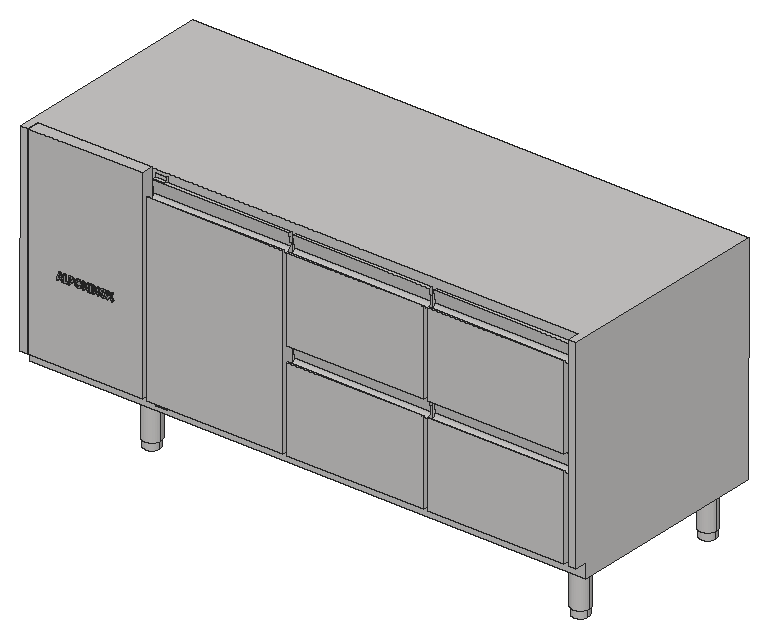
Revit family "QF_ALPENINOX_712043_AH3H7ABB", category Specialty Equipment, Revit 2018
Family settings
  Round Connector Dimension = Use Diameter
  Part Type = Normal
  Work Plane-Based = No
  Always vertical = Yes
  Cut with Voids When Loaded = No
  Shared = No
  Room Calculation Point = No
Parameters
  Weight = 0.00 kg
  Watts = 0.0232258 W
  Volts = 220 V
  URL Manufacturer = "http://www.alpeninox.com/"
  URL = "http://www.alpeninox.com/"
  Steam Supply Size = 0 mm
  Steam Supply Minimum Pressure = 0.0 Pa
  Steam Supply Maximum Pressure = 0.0 Pa
  Steam Pounds per Hour = 0
  Show Logo [instance] = yes
  Show Clearance [instance] = yes
  Refrigeration Suction Line Size = 0 mm
  Refrigeration Liquid Line Size = 0 mm
  Refrigerant Compressor Remote = yes
  Manufacturer = "Alpeninox"
  Phase = 1
  Model = "AH3H7ABB"
  Length Actual = 1795 mm  # constant formula
  Item Number = "712043"
  Hot Water Size = 0 mm
  Height Actual = 850 mm  # constant formula
  HP = "0.3 HP"
  Gas Size = 0 mm
  Gas KW = 0
  Gas Input Pressure = 0 W
  Description = "1DOOR-4 DRAWERS REF.TABLE 440L-NO TOP"
  Depth Actual = 700 mm  # constant formula
  Cycle = 50 Hz
  Condensate Return Size = 0 mm
  Compressed Air Volume = 0.0 L/s
  Compressed Air Size = 0 mm
  Compressed Air Pressure = 0.0 Pa
  Cold Water Size = 0 mm
  Accessory = yes
Reference planes
  plane 1 "Center X": y = 182.5
  plane 2: z = 0
  plane 3 "Center Y": x = -353.5
  plane 4: y = -62.5
  plane 5: y = 451.5
  plane 6 "BACK": y = 532.5
  plane 7 "FRONT": y = -167.5
  plane 8: x = -906
  plane 9: x = 478
  plane 10: z = 150
  plane 11 "TOP": z = 900
  plane 12: z = 850
  plane 13 "LEFT": x = -1251
  plane 14 "RIGHT": x = 544
Forms (mm)
  Extrusion 1, solid, material "QF_Finishes_Stainless Steel"
    sketch origin (-353.5, 2, 0) x (0, 1, 0) y (0, 0, 1)
      loop
        line (530.5, 150) -> (530.5, 850) -> (-124.5, 850) -> (-124.5, 150) -> (530.5, 150)
    from -897.5 to 897.5
  Extrusion 2, solid, material "QF_Finishes_Stainless Steel"
    sketch origin (-1022.223, -1524, 150) x (-1, 0, 0) y (0, -1, 0)
      loop
        line (228.777, -1361.5) -> (203.777, -1361.5) -> (203.777, -1401.5) -> (228.777, -1401.5) -> (228.777, -1361.5)
      loop
        line (-1566.223, -1401.5) -> (-1541.223, -1401.5) -> (-1541.223, -1361.5) -> (-1566.223, -1361.5) -> (-1566.223, -1401.5)
    from 47 to 700
  Extrusion 3, solid, material "QF_Finishes_Stainless Steel"
    sketch origin (0, 0, 900) x (-1, 0, 0) y (0, -1, 0)
      loop
        circle (170, -94.5) r 8.45
    from -790.577 to -750
  Extrusion 4, solid, material "QF_Finishes_Stainless Steel"
    sketch origin (0, 0, 0) x (1, 0, 0) y (0, 1, 0)
      loop
        circle (-1167, 451.5) r 4
    from 109.423 to 150
Cuts and joins
  joined: Extrusion 1, Extrusion 2
Lines and regions (mm)
  symbolic lines, style "SpecialityEquipmentHiddenLines"
    curve 1: line (-1251, -122.5, 900) -> (544, -122.5, 900)
    curve 2: line (-850, -162.5, 900) -> (-850, -122.5, 900)
    curve 3: line (-1251, 532.5, 900) -> (544, 532.5, 900)
    curve 4: line (-1251, 532.5, 900) -> (-1251, -162.5, 900)
    curve 5: line (-1251, -162.5, 900) -> (544, -162.5, 900)
    curve 6: line (544, -162.5, 900) -> (544, 532.5, 900)
Dimensions and locks
  locked: plane 6 "BACK" to plane 7 "FRONT" at 700
  equal spacing: plane 6 "BACK", plane 1 "Center X", plane 7 "FRONT"
  locked: plane 6 "BACK" to plane 5 at 81
  plane 10 to level = 150 mm
  plane 11 "TOP" to plane 12 to plane 10 = 50 mm locked, 700 mm locked
  locked: Extrusion 2 sketch curve to Extrusion 2 sketch curve at 25  (x2)
  locked: plane 4 to plane 7 "FRONT" at 105
  locked: plane 6 "BACK" to Extrusion 3 sketch curve at 438
  equal spacing: plane 13 "LEFT", plane 3 "Center Y", plane 14 "RIGHT"
  plane 13 "LEFT" to plane 14 "RIGHT" = 1795 mm
  locked: plane 13 "LEFT" to plane 8 at 345
  locked: plane 9 to plane 14 "RIGHT" at 66
  Extrusion 3 sketch curve to plane 14 "RIGHT" = 714 mm
  plane 13 "LEFT" to Extrusion 4 sketch curve = 84 mm
  locked: plane 6 "BACK" to Extrusion 4 sketch curve at 81
  locked: plane 10 to Extrusion 4 at 40.577
  aligned and locked: level to plane 2
  aligned and locked: plane 10 to Extrusion 3
  aligned and locked: nested 4 to plane 4
  aligned and locked: nested 1 to plane 4
  aligned and locked: nested 3 to plane 5
  aligned and locked: nested 2 to plane 5
  aligned and locked: plane 8 to nested 1
  aligned and locked: plane 8 to nested 2
  aligned and locked: plane 9 to nested 4
  aligned and locked: plane 9 to nested 3
  aligned and locked: Extrusion 1 to Extrusion 2
  aligned and locked: Extrusion 2 to Extrusion 1
  aligned and locked: Extrusion 2 sketch curve to plane 14 "RIGHT"
  aligned and locked: plane 13 "LEFT" to Extrusion 2 sketch curve
  aligned and locked: cut or joined group of Extrusion 1, Extrusion 2 to plane 10
  aligned and locked: plane 12 to cut or joined group of Extrusion 1, Extrusion 2
  aligned and locked: plane 10 to Extrusion 4
Automatic sketch dimensions
  Extrusion 1 sketch curve to plane 10 = 0 mm
  Extrusion 1 sketch curve to plane 12 = 0 mm
  Extrusion 1 sketch curve to plane 6 "BACK" = 0 mm
  plane 7 "FRONT" to Extrusion 1 sketch curve = 45 mm
  plane 7 "FRONT" to Extrusion 2 sketch curve = 45 mm  (x2)
  plane 7 "FRONT" to Extrusion 2 sketch curve = 5 mm  (x2)
  curve 6 to plane 6 "BACK" = 0 mm
  curve 6 to plane 14 "RIGHT" = 0 mm
  curve 5 to plane 13 "LEFT" = 0 mm
  plane 7 "FRONT" to curve 5 = 5 mm
  plane 8 to curve 2 = 56 mm
  curve 1 to curve 4 = 40 mm
  radius of Extrusion 3 sketch curve = 8.45 mm
  radius of Extrusion 4 sketch curve = 4 mm
Nested families
  nested 1: "Foot_Ø50_H150" at (-906, -62.5, 0), type "Foot_Ø50_H150"
  nested 2: "Foot_Ø50_H150" at (-906, 451.5, 0), type "Foot_Ø50_H150"
  nested 3: "Foot_Ø50_H150" at (478, 451.5, 0), type "Foot_Ø50_H150"
  nested 4: "Foot_Ø50_H150" at (478, -62.5, 0), type "Foot_Ø50_H150"
  nested 5: "2 Drawers" at (285, -164.5, 0), Show Clearance <- "Show Clearance", type "2 Drawers"
  nested 6: "2 Drawers" at (-169, -164.5, 0), Show Clearance <- "Show Clearance", type "2 Drawers"
  nested 7: "Refrigerator" at (544, -167.5, 900), type "Refrigerator"
  nested 8: "ALP_Cooling Unit" at (-1041.5, -164.5, 0), Show Logo <- "Show Logo", type "ALP_Cooling Unit"
  nested 9: "Door" at (-623, -164.5, 0) x (-1, 0, 0) z (0, 0, 1), Show Clearance <- "Show Clearance", type "Door"
Connectors
  electrical at (-1167, 451.5, 109.423), driven by "Volts"
    settings: on Extrusion 4, index 4, voltage 220 V, apparent load 0 VA, apparent load phase1 0 VA, apparent load phase2 0 VA, apparent load phase3 0 VA, power factor 1, load classification "Altro", number of poles 1, system type 30, power factor state 1, is connector primary yes, connector utility no, sub classification motor no, connector description "Electrical Connection"
  piping at (-170, 94.5, 109.423), diameter 17
    settings: on Extrusion 3, index 5, connector inside diameter 609.6 mm, connector length 0 mm, flow factor 0, pipe flow 0.0 L/s, pressure drop 0.0 Pa, fitting loss kfactor 0, connector angle 0.00°, fixture units 0, engagement length 0 mm, angle of deflection 0.00°, flow configuration 1, flow direction 2, fitting loss method 0, system type 16, joint type 0, gender type 0, connector reference index -1, connector utility 0, adjustable connector no, is connector primary yes, connector description "Drain"
Definition of nested family "Foot_Ø50_H150"
  Reference planes
    plane 1 "Centro (Fronte/Retro)": y = 0
    plane 2: z = 0
    plane 3 "Centro (Sinistra/Destra)": x = 0
    plane 4: z = 150
  Forms (mm)
    Revolve 1, solid
      sketch origin (255.05, 0, 608.09) x (0, 0, 1) y (-1, 0, 0)
        loop
          line (-608.09, 255.05) -> (-608.09, 230.05) -> (-583.09, 230.05) -> (-583.09, 226.05) -> (-458.09, 226.05) -> (-458.09, 255.05) -> (-608.09, 255.05)
        axis (-608.09, 255.05) -> (-458.09, 255.05)
      angle from 0 to 360
  Dimensions and locks
    locked: Revolve 1 sketch curve to Revolve 1 sketch curve at 125
    aligned and locked: level to plane 2
    aligned and locked: plane 4 to Revolve 1 sketch curve
    aligned and locked: Revolve 1 sketch curve to level
    aligned and locked: plane 3 "Centro (Sinistra/Destra)" to Revolve 1 sketch curve
Definition of nested family "2 Drawers"
  Parameters
    Show Clearance [instance] = yes
  Reference planes
    plane 1 "FRONT": y = -3
    plane 2: z = 0
    plane 3 "Centro (Sinistra/Destra)": x = 0
    plane 4: z = 150
    plane 5: z = 850
    plane 6: x = -234
    plane 7: x = 234
    plane 8: x = -220
    plane 9: x = 220
  Forms (mm)
    Extrusion 1, solid
      sketch origin (0, 55, 511) x (0, 0, 1) y (0, -1, 0)
        loop
          line (314, 18) -> (314, 29) -> (274.395, 22.5)
          arc (274.395, 22.5) -> (260.395, 36.5) -> (274.395, 50.5) r 14
          line (274.395, 50.5) -> (274.395, 53) -> (5, 53) -> (5, 18) -> (314, 18)
        loop
          line (-5, 29) -> (-44.605, 22.5)
          arc (-44.605, 22.5) -> (-58.605, 36.5) -> (-44.605, 50.5) r 14
          line (-44.605, 50.5) -> (-44.605, 53) -> (-314, 53) -> (-314, 18) -> (-5, 18) -> (-5, 29)
      from -220 to 220
    Extrusion 2, solid, visible <- "Show Clearance", detail levels coarse
      sketch origin (0, -462, 511) x (0, 0, 1) y (0, -1, 0)
        loop
          line (-314, 109) -> (-314, -464) -> (-5, -464) -> (-5, 109) -> (-314, 109)
        loop
          line (314, -464) -> (314, 109) -> (5, 109) -> (5, -464) -> (314, -464)
      from -220 to 220
  Lines and regions (mm)
    symbolic lines
      curve 1: line (-190, -3, 0) -> (-190, -88, 0)
      curve 2: line (190, -88, 0) -> (190, -3, 0)
      curve 3: line (220, -88, 0) -> (-220, -88, 0)
      curve 4: line (-220, -88, 0) -> (-220, -123, 0)
      curve 5: line (-220, -123, 0) -> (220, -123, 0)
      curve 6: line (220, -123, 0) -> (220, -88, 0)
      curve 7: line (-190, -123, 0) -> (-190, -208, 0)
      curve 8: line (220, -208, 0) -> (-220, -208, 0)
      curve 9: line (-220, -208, 0) -> (-220, -243, 0)
      curve 10: line (-220, -243, 0) -> (220, -243, 0)
      curve 11: line (220, -243, 0) -> (220, -208, 0)
      curve 12: line (190, -208, 0) -> (190, -123, 0)
  Dimensions and locks
    aligned and locked: level to plane 2
Definition of nested family "ALP_Cooling Unit"
  Parameters
    Show Logo [instance] = yes
  Reference planes
    plane 1 "FRONT": y = -3
    plane 2: z = 0
    plane 3 "Centro (Sinistra/Destra)": x = 0
    plane 4: z = 150
    plane 5: z = 850
    plane 6: x = -184.5
    plane 7: x = 184.5
  Forms (mm)
    Extrusion 1, solid
      sketch origin (0, 55, 511) x (0, 0, 1) y (0, -1, 0)
        loop
          line (-314, 53) -> (-314, 13) -> (339, 13) -> (339, 53) -> (-314, 53)
      from -184.5 to 184.5
  Lines and regions (mm)
    Split face 1
      outline origin (0, 2, 197) x (0, 0, 1) y (-1, 0, 0)
        loop
          line (566.835, 184.5) -> (566.835, -184.5)
        loop
          line (521.835, 184.5) -> (521.835, -184.5)
    Split face 2
      outline origin (0, 2, 197) x (0, 0, 1) y (-1, 0, 0)
        loop
          line (526.835, -184.5) -> (526.835, 150.5)
          arc (526.835, 150.5) -> (544.335, 168) -> (561.835, 150.5) r 17.5
          line (561.835, 150.5) -> (561.835, -184.5)
    Split face 3
      outline origin (0, 2, 197) x (0, 0, 1) y (-1, 0, 0)
        loop
          line (555.835, 149.5) -> (532.835, 149.5) -> (532.835, 94.5) -> (555.835, 94.5) -> (555.835, 149.5)
    Split face 4
      outline origin (0, 2, 197) x (0, 0, 1) y (-1, 0, 0)
        loop
          arc (510.649, 158.547) -> (506.648, 162.548) -> (502.647, 158.547) r 4.001
          line (502.647, 158.547) -> (502.647, 116.535)
          arc (502.647, 116.535) -> (506.648, 112.533) -> (510.649, 116.535) r 4.001
          line (510.649, 116.535) -> (510.649, 158.547)
    Split face 5
      outline origin (0, 2, 184.996) x (0, 0, 1) y (-1, 0, 0)
        loop
          arc (510.649, 158.547) -> (506.648, 162.548) -> (502.647, 158.547) r 4.001
          line (502.647, 158.547) -> (502.647, 116.535)
          arc (502.647, 116.535) -> (506.648, 112.533) -> (510.649, 116.535) r 4.001
          line (510.649, 116.535) -> (510.649, 158.547)
    Split face 6
      outline origin (0, 2, 172.993) x (0, 0, 1) y (-1, 0, 0)
        loop
          arc (510.649, 158.547) -> (506.648, 162.548) -> (502.647, 158.547) r 4.001
          line (502.647, 158.547) -> (502.647, 116.535)
          arc (502.647, 116.535) -> (506.648, 112.533) -> (510.649, 116.535) r 4.001
          line (510.649, 116.535) -> (510.649, 158.547)
    Split face 7
      outline origin (0, 2, 160.989) x (0, 0, 1) y (-1, 0, 0)
        loop
          arc (510.649, 158.547) -> (506.648, 162.548) -> (502.647, 158.547) r 4.001
          line (502.647, 158.547) -> (502.647, 116.535)
          arc (502.647, 116.535) -> (506.648, 112.533) -> (510.649, 116.535) r 4.001
          line (510.649, 116.535) -> (510.649, 158.547)
    Split face 8
      outline origin (0, 2, 148.986) x (0, 0, 1) y (-1, 0, 0)
        loop
          arc (510.649, 158.547) -> (506.648, 162.548) -> (502.647, 158.547) r 4.001
          line (502.647, 158.547) -> (502.647, 116.535)
          arc (502.647, 116.535) -> (506.648, 112.533) -> (510.649, 116.535) r 4.001
          line (510.649, 116.535) -> (510.649, 158.547)
    Split face 9
      outline origin (0, 2, 136.982) x (0, 0, 1) y (-1, 0, 0)
        loop
          arc (510.649, 158.547) -> (506.648, 162.548) -> (502.647, 158.547) r 4.001
          line (502.647, 158.547) -> (502.647, 116.535)
          arc (502.647, 116.535) -> (506.648, 112.533) -> (510.649, 116.535) r 4.001
          line (510.649, 116.535) -> (510.649, 158.547)
    Split face 10
      outline origin (0, 2, 124.979) x (0, 0, 1) y (-1, 0, 0)
        loop
          arc (510.649, 158.547) -> (506.648, 162.548) -> (502.647, 158.547) r 4.001
          line (502.647, 158.547) -> (502.647, 116.535)
          arc (502.647, 116.535) -> (506.648, 112.533) -> (510.649, 116.535) r 4.001
          line (510.649, 116.535) -> (510.649, 158.547)
    Split face 11
      outline origin (0, 2, 112.975) x (0, 0, 1) y (-1, 0, 0)
        loop
          arc (510.649, 158.547) -> (506.648, 162.548) -> (502.647, 158.547) r 4.001
          line (502.647, 158.547) -> (502.647, 116.535)
          arc (502.647, 116.535) -> (506.648, 112.533) -> (510.649, 116.535) r 4.001
          line (510.649, 116.535) -> (510.649, 158.547)
    Split face 12
      outline origin (0, 2, 100.972) x (0, 0, 1) y (-1, 0, 0)
        loop
          arc (510.649, 158.547) -> (506.648, 162.548) -> (502.647, 158.547) r 4.001
          line (502.647, 158.547) -> (502.647, 116.535)
          arc (502.647, 116.535) -> (506.648, 112.533) -> (510.649, 116.535) r 4.001
          line (510.649, 116.535) -> (510.649, 158.547)
    Split face 13
      outline origin (0, 2, 88.968) x (0, 0, 1) y (-1, 0, 0)
        loop
          arc (510.649, 158.547) -> (506.648, 162.548) -> (502.647, 158.547) r 4.001
          line (502.647, 158.547) -> (502.647, 116.535)
          arc (502.647, 116.535) -> (506.648, 112.533) -> (510.649, 116.535) r 4.001
          line (510.649, 116.535) -> (510.649, 158.547)
    Split face 14
      outline origin (0, 2, 76.965) x (0, 0, 1) y (-1, 0, 0)
        loop
          arc (510.649, 158.547) -> (506.648, 162.548) -> (502.647, 158.547) r 4.001
          line (502.647, 158.547) -> (502.647, 116.535)
          arc (502.647, 116.535) -> (506.648, 112.533) -> (510.649, 116.535) r 4.001
          line (510.649, 116.535) -> (510.649, 158.547)
    Split face 15
      outline origin (0, 2, 64.961) x (0, 0, 1) y (-1, 0, 0)
        loop
          arc (510.649, 158.547) -> (506.648, 162.548) -> (502.647, 158.547) r 4.001
          line (502.647, 158.547) -> (502.647, 116.535)
          arc (502.647, 116.535) -> (506.648, 112.533) -> (510.649, 116.535) r 4.001
          line (510.649, 116.535) -> (510.649, 158.547)
    Split face 16
      outline origin (0, 2, 52.958) x (0, 0, 1) y (-1, 0, 0)
        loop
          arc (510.649, 158.547) -> (506.648, 162.548) -> (502.647, 158.547) r 4.001
          line (502.647, 158.547) -> (502.647, 116.535)
          arc (502.647, 116.535) -> (506.648, 112.533) -> (510.649, 116.535) r 4.001
          line (510.649, 116.535) -> (510.649, 158.547)
    Split face 17
      outline origin (0, 2, 40.954) x (0, 0, 1) y (-1, 0, 0)
        loop
          arc (510.649, 158.547) -> (506.648, 162.548) -> (502.647, 158.547) r 4.001
          line (502.647, 158.547) -> (502.647, 116.535)
          arc (502.647, 116.535) -> (506.648, 112.533) -> (510.649, 116.535) r 4.001
          line (510.649, 116.535) -> (510.649, 158.547)
    Split face 18
      outline origin (0, 2, 28.951) x (0, 0, 1) y (-1, 0, 0)
        loop
          arc (510.649, 158.547) -> (506.648, 162.548) -> (502.647, 158.547) r 4.001
          line (502.647, 158.547) -> (502.647, 116.535)
          arc (502.647, 116.535) -> (506.648, 112.533) -> (510.649, 116.535) r 4.001
          line (510.649, 116.535) -> (510.649, 158.547)
    Split face 19
      outline origin (0, 2, 16.947) x (0, 0, 1) y (-1, 0, 0)
        loop
          arc (510.649, 158.547) -> (506.648, 162.548) -> (502.647, 158.547) r 4.001
          line (502.647, 158.547) -> (502.647, 116.535)
          arc (502.647, 116.535) -> (506.648, 112.533) -> (510.649, 116.535) r 4.001
          line (510.649, 116.535) -> (510.649, 158.547)
    Split face 20
      outline origin (55.016, 2, 197) x (0, 0, 1) y (-1, 0, 0)
        loop
          arc (510.649, 158.547) -> (506.648, 162.548) -> (502.647, 158.547) r 4.001
          line (502.647, 158.547) -> (502.647, 116.535)
          arc (502.647, 116.535) -> (506.648, 112.533) -> (510.649, 116.535) r 4.001
          line (510.649, 116.535) -> (510.649, 158.547)
    Split face 21
      outline origin (55.016, 2, 184.996) x (0, 0, 1) y (-1, 0, 0)
        loop
          arc (510.649, 158.547) -> (506.648, 162.548) -> (502.647, 158.547) r 4.001
          line (502.647, 158.547) -> (502.647, 116.535)
          arc (502.647, 116.535) -> (506.648, 112.533) -> (510.649, 116.535) r 4.001
          line (510.649, 116.535) -> (510.649, 158.547)
    Split face 22
      outline origin (55.016, 2, 172.993) x (0, 0, 1) y (-1, 0, 0)
        loop
          arc (510.649, 158.547) -> (506.648, 162.548) -> (502.647, 158.547) r 4.001
          line (502.647, 158.547) -> (502.647, 116.535)
          arc (502.647, 116.535) -> (506.648, 112.533) -> (510.649, 116.535) r 4.001
          line (510.649, 116.535) -> (510.649, 158.547)
    Split face 23
      outline origin (55.016, 2, 160.989) x (0, 0, 1) y (-1, 0, 0)
        loop
          arc (510.649, 158.547) -> (506.648, 162.548) -> (502.647, 158.547) r 4.001
          line (502.647, 158.547) -> (502.647, 116.535)
          arc (502.647, 116.535) -> (506.648, 112.533) -> (510.649, 116.535) r 4.001
          line (510.649, 116.535) -> (510.649, 158.547)
    Split face 24
      outline origin (55.016, 2, 148.986) x (0, 0, 1) y (-1, 0, 0)
        loop
          arc (510.649, 158.547) -> (506.648, 162.548) -> (502.647, 158.547) r 4.001
          line (502.647, 158.547) -> (502.647, 116.535)
          arc (502.647, 116.535) -> (506.648, 112.533) -> (510.649, 116.535) r 4.001
          line (510.649, 116.535) -> (510.649, 158.547)
    Split face 25
      outline origin (55.016, 2, 136.982) x (0, 0, 1) y (-1, 0, 0)
        loop
          arc (510.649, 158.547) -> (506.648, 162.548) -> (502.647, 158.547) r 4.001
          line (502.647, 158.547) -> (502.647, 116.535)
          arc (502.647, 116.535) -> (506.648, 112.533) -> (510.649, 116.535) r 4.001
          line (510.649, 116.535) -> (510.649, 158.547)
    Split face 26
      outline origin (55.016, 2, 124.979) x (0, 0, 1) y (-1, 0, 0)
        loop
          arc (510.649, 158.547) -> (506.648, 162.548) -> (502.647, 158.547) r 4.001
          line (502.647, 158.547) -> (502.647, 116.535)
          arc (502.647, 116.535) -> (506.648, 112.533) -> (510.649, 116.535) r 4.001
          line (510.649, 116.535) -> (510.649, 158.547)
    Split face 27
      outline origin (55.016, 2, 112.975) x (0, 0, 1) y (-1, 0, 0)
        loop
          arc (510.649, 158.547) -> (506.648, 162.548) -> (502.647, 158.547) r 4.001
          line (502.647, 158.547) -> (502.647, 116.535)
          arc (502.647, 116.535) -> (506.648, 112.533) -> (510.649, 116.535) r 4.001
          line (510.649, 116.535) -> (510.649, 158.547)
    Split face 28
      outline origin (55.016, 2, 100.972) x (0, 0, 1) y (-1, 0, 0)
        loop
          arc (510.649, 158.547) -> (506.648, 162.548) -> (502.647, 158.547) r 4.001
          line (502.647, 158.547) -> (502.647, 116.535)
          arc (502.647, 116.535) -> (506.648, 112.533) -> (510.649, 116.535) r 4.001
          line (510.649, 116.535) -> (510.649, 158.547)
    Split face 29
      outline origin (55.016, 2, 88.968) x (0, 0, 1) y (-1, 0, 0)
        loop
          arc (510.649, 158.547) -> (506.648, 162.548) -> (502.647, 158.547) r 4.001
          line (502.647, 158.547) -> (502.647, 116.535)
          arc (502.647, 116.535) -> (506.648, 112.533) -> (510.649, 116.535) r 4.001
          line (510.649, 116.535) -> (510.649, 158.547)
    Split face 30
      outline origin (55.016, 2, 76.965) x (0, 0, 1) y (-1, 0, 0)
        loop
          arc (510.649, 158.547) -> (506.648, 162.548) -> (502.647, 158.547) r 4.001
          line (502.647, 158.547) -> (502.647, 116.535)
          arc (502.647, 116.535) -> (506.648, 112.533) -> (510.649, 116.535) r 4.001
          line (510.649, 116.535) -> (510.649, 158.547)
    Split face 31
      outline origin (55.016, 2, 64.961) x (0, 0, 1) y (-1, 0, 0)
        loop
          arc (510.649, 158.547) -> (506.648, 162.548) -> (502.647, 158.547) r 4.001
          line (502.647, 158.547) -> (502.647, 116.535)
          arc (502.647, 116.535) -> (506.648, 112.533) -> (510.649, 116.535) r 4.001
          line (510.649, 116.535) -> (510.649, 158.547)
    Split face 32
      outline origin (55.016, 2, 52.958) x (0, 0, 1) y (-1, 0, 0)
        loop
          arc (510.649, 158.547) -> (506.648, 162.548) -> (502.647, 158.547) r 4.001
          line (502.647, 158.547) -> (502.647, 116.535)
          arc (502.647, 116.535) -> (506.648, 112.533) -> (510.649, 116.535) r 4.001
          line (510.649, 116.535) -> (510.649, 158.547)
    Split face 33
      outline origin (55.016, 2, 40.954) x (0, 0, 1) y (-1, 0, 0)
        loop
          arc (510.649, 158.547) -> (506.648, 162.548) -> (502.647, 158.547) r 4.001
          line (502.647, 158.547) -> (502.647, 116.535)
          arc (502.647, 116.535) -> (506.648, 112.533) -> (510.649, 116.535) r 4.001
          line (510.649, 116.535) -> (510.649, 158.547)
    Split face 34
      outline origin (55.016, 2, 28.951) x (0, 0, 1) y (-1, 0, 0)
        loop
          arc (510.649, 158.547) -> (506.648, 162.548) -> (502.647, 158.547) r 4.001
          line (502.647, 158.547) -> (502.647, 116.535)
          arc (502.647, 116.535) -> (506.648, 112.533) -> (510.649, 116.535) r 4.001
          line (510.649, 116.535) -> (510.649, 158.547)
    Split face 35
      outline origin (55.016, 2, 16.947) x (0, 0, 1) y (-1, 0, 0)
        loop
          arc (510.649, 158.547) -> (506.648, 162.548) -> (502.647, 158.547) r 4.001
          line (502.647, 158.547) -> (502.647, 116.535)
          arc (502.647, 116.535) -> (506.648, 112.533) -> (510.649, 116.535) r 4.001
          line (510.649, 116.535) -> (510.649, 158.547)
    Split face 36
      outline origin (110.032, 2, 197) x (0, 0, 1) y (-1, 0, 0)
        loop
          arc (510.649, 158.547) -> (506.648, 162.548) -> (502.647, 158.547) r 4.001
          line (502.647, 158.547) -> (502.647, 116.535)
          arc (502.647, 116.535) -> (506.648, 112.533) -> (510.649, 116.535) r 4.001
          line (510.649, 116.535) -> (510.649, 158.547)
    Split face 37
      outline origin (110.032, 2, 184.996) x (0, 0, 1) y (-1, 0, 0)
        loop
          arc (510.649, 158.547) -> (506.648, 162.548) -> (502.647, 158.547) r 4.001
          line (502.647, 158.547) -> (502.647, 116.535)
          arc (502.647, 116.535) -> (506.648, 112.533) -> (510.649, 116.535) r 4.001
          line (510.649, 116.535) -> (510.649, 158.547)
    Split face 38
      outline origin (110.032, 2, 172.993) x (0, 0, 1) y (-1, 0, 0)
        loop
          arc (510.649, 158.547) -> (506.648, 162.548) -> (502.647, 158.547) r 4.001
          line (502.647, 158.547) -> (502.647, 116.535)
          arc (502.647, 116.535) -> (506.648, 112.533) -> (510.649, 116.535) r 4.001
          line (510.649, 116.535) -> (510.649, 158.547)
    Split face 39
      outline origin (110.032, 2, 160.989) x (0, 0, 1) y (-1, 0, 0)
        loop
          arc (510.649, 158.547) -> (506.648, 162.548) -> (502.647, 158.547) r 4.001
          line (502.647, 158.547) -> (502.647, 116.535)
          arc (502.647, 116.535) -> (506.648, 112.533) -> (510.649, 116.535) r 4.001
          line (510.649, 116.535) -> (510.649, 158.547)
    Split face 40
      outline origin (110.032, 2, 148.986) x (0, 0, 1) y (-1, 0, 0)
        loop
          arc (510.649, 158.547) -> (506.648, 162.548) -> (502.647, 158.547) r 4.001
          line (502.647, 158.547) -> (502.647, 116.535)
          arc (502.647, 116.535) -> (506.648, 112.533) -> (510.649, 116.535) r 4.001
          line (510.649, 116.535) -> (510.649, 158.547)
    Split face 41
      outline origin (110.032, 2, 136.982) x (0, 0, 1) y (-1, 0, 0)
        loop
          arc (510.649, 158.547) -> (506.648, 162.548) -> (502.647, 158.547) r 4.001
          line (502.647, 158.547) -> (502.647, 116.535)
          arc (502.647, 116.535) -> (506.648, 112.533) -> (510.649, 116.535) r 4.001
          line (510.649, 116.535) -> (510.649, 158.547)
    Split face 42
      outline origin (110.032, 2, 124.979) x (0, 0, 1) y (-1, 0, 0)
        loop
          arc (510.649, 158.547) -> (506.648, 162.548) -> (502.647, 158.547) r 4.001
          line (502.647, 158.547) -> (502.647, 116.535)
          arc (502.647, 116.535) -> (506.648, 112.533) -> (510.649, 116.535) r 4.001
          line (510.649, 116.535) -> (510.649, 158.547)
    Split face 43
      outline origin (110.032, 2, 112.975) x (0, 0, 1) y (-1, 0, 0)
        loop
          arc (510.649, 158.547) -> (506.648, 162.548) -> (502.647, 158.547) r 4.001
          line (502.647, 158.547) -> (502.647, 116.535)
          arc (502.647, 116.535) -> (506.648, 112.533) -> (510.649, 116.535) r 4.001
          line (510.649, 116.535) -> (510.649, 158.547)
    Split face 44
      outline origin (110.032, 2, 100.972) x (0, 0, 1) y (-1, 0, 0)
        loop
          arc (510.649, 158.547) -> (506.648, 162.548) -> (502.647, 158.547) r 4.001
          line (502.647, 158.547) -> (502.647, 116.535)
          arc (502.647, 116.535) -> (506.648, 112.533) -> (510.649, 116.535) r 4.001
          line (510.649, 116.535) -> (510.649, 158.547)
    Split face 45
      outline origin (110.032, 2, 88.968) x (0, 0, 1) y (-1, 0, 0)
        loop
          arc (510.649, 158.547) -> (506.648, 162.548) -> (502.647, 158.547) r 4.001
          line (502.647, 158.547) -> (502.647, 116.535)
          arc (502.647, 116.535) -> (506.648, 112.533) -> (510.649, 116.535) r 4.001
          line (510.649, 116.535) -> (510.649, 158.547)
    Split face 46
      outline origin (110.032, 2, 76.965) x (0, 0, 1) y (-1, 0, 0)
        loop
          arc (510.649, 158.547) -> (506.648, 162.548) -> (502.647, 158.547) r 4.001
          line (502.647, 158.547) -> (502.647, 116.535)
          arc (502.647, 116.535) -> (506.648, 112.533) -> (510.649, 116.535) r 4.001
          line (510.649, 116.535) -> (510.649, 158.547)
    Split face 47
      outline origin (110.032, 2, 64.961) x (0, 0, 1) y (-1, 0, 0)
        loop
          arc (510.649, 158.547) -> (506.648, 162.548) -> (502.647, 158.547) r 4.001
          line (502.647, 158.547) -> (502.647, 116.535)
          arc (502.647, 116.535) -> (506.648, 112.533) -> (510.649, 116.535) r 4.001
          line (510.649, 116.535) -> (510.649, 158.547)
    Split face 48
      outline origin (110.032, 2, 52.958) x (0, 0, 1) y (-1, 0, 0)
        loop
          arc (510.649, 158.547) -> (506.648, 162.548) -> (502.647, 158.547) r 4.001
          line (502.647, 158.547) -> (502.647, 116.535)
          arc (502.647, 116.535) -> (506.648, 112.533) -> (510.649, 116.535) r 4.001
          line (510.649, 116.535) -> (510.649, 158.547)
    Split face 49
      outline origin (110.032, 2, 40.954) x (0, 0, 1) y (-1, 0, 0)
        loop
          arc (510.649, 158.547) -> (506.648, 162.548) -> (502.647, 158.547) r 4.001
          line (502.647, 158.547) -> (502.647, 116.535)
          arc (502.647, 116.535) -> (506.648, 112.533) -> (510.649, 116.535) r 4.001
          line (510.649, 116.535) -> (510.649, 158.547)
    Split face 50
      outline origin (110.032, 2, 28.951) x (0, 0, 1) y (-1, 0, 0)
        loop
          arc (510.649, 158.547) -> (506.648, 162.548) -> (502.647, 158.547) r 4.001
          line (502.647, 158.547) -> (502.647, 116.535)
          arc (502.647, 116.535) -> (506.648, 112.533) -> (510.649, 116.535) r 4.001
          line (510.649, 116.535) -> (510.649, 158.547)
    Split face 51
      outline origin (110.032, 2, 16.947) x (0, 0, 1) y (-1, 0, 0)
        loop
          arc (510.649, 158.547) -> (506.648, 162.548) -> (502.647, 158.547) r 4.001
          line (502.647, 158.547) -> (502.647, 116.535)
          arc (502.647, 116.535) -> (506.648, 112.533) -> (510.649, 116.535) r 4.001
          line (510.649, 116.535) -> (510.649, 158.547)
    Split face 52
      outline origin (165.048, 2, 197) x (0, 0, 1) y (-1, 0, 0)
        loop
          arc (510.649, 158.547) -> (506.648, 162.548) -> (502.647, 158.547) r 4.001
          line (502.647, 158.547) -> (502.647, 116.535)
          arc (502.647, 116.535) -> (506.648, 112.533) -> (510.649, 116.535) r 4.001
          line (510.649, 116.535) -> (510.649, 158.547)
    Split face 53
      outline origin (165.048, 2, 184.996) x (0, 0, 1) y (-1, 0, 0)
        loop
          arc (510.649, 158.547) -> (506.648, 162.548) -> (502.647, 158.547) r 4.001
          line (502.647, 158.547) -> (502.647, 116.535)
          arc (502.647, 116.535) -> (506.648, 112.533) -> (510.649, 116.535) r 4.001
          line (510.649, 116.535) -> (510.649, 158.547)
    Split face 54
      outline origin (165.048, 2, 172.993) x (0, 0, 1) y (-1, 0, 0)
        loop
          arc (510.649, 158.547) -> (506.648, 162.548) -> (502.647, 158.547) r 4.001
          line (502.647, 158.547) -> (502.647, 116.535)
          arc (502.647, 116.535) -> (506.648, 112.533) -> (510.649, 116.535) r 4.001
          line (510.649, 116.535) -> (510.649, 158.547)
    Split face 55
      outline origin (165.048, 2, 160.989) x (0, 0, 1) y (-1, 0, 0)
        loop
          arc (510.649, 158.547) -> (506.648, 162.548) -> (502.647, 158.547) r 4.001
          line (502.647, 158.547) -> (502.647, 116.535)
          arc (502.647, 116.535) -> (506.648, 112.533) -> (510.649, 116.535) r 4.001
          line (510.649, 116.535) -> (510.649, 158.547)
    Split face 56
      outline origin (165.048, 2, 148.986) x (0, 0, 1) y (-1, 0, 0)
        loop
          arc (510.649, 158.547) -> (506.648, 162.548) -> (502.647, 158.547) r 4.001
          line (502.647, 158.547) -> (502.647, 116.535)
          arc (502.647, 116.535) -> (506.648, 112.533) -> (510.649, 116.535) r 4.001
          line (510.649, 116.535) -> (510.649, 158.547)
    Split face 57
      outline origin (165.048, 2, 136.982) x (0, 0, 1) y (-1, 0, 0)
        loop
          arc (510.649, 158.547) -> (506.648, 162.548) -> (502.647, 158.547) r 4.001
          line (502.647, 158.547) -> (502.647, 116.535)
          arc (502.647, 116.535) -> (506.648, 112.533) -> (510.649, 116.535) r 4.001
          line (510.649, 116.535) -> (510.649, 158.547)
    Split face 58
      outline origin (165.048, 2, 124.979) x (0, 0, 1) y (-1, 0, 0)
        loop
          arc (510.649, 158.547) -> (506.648, 162.548) -> (502.647, 158.547) r 4.001
          line (502.647, 158.547) -> (502.647, 116.535)
          arc (502.647, 116.535) -> (506.648, 112.533) -> (510.649, 116.535) r 4.001
          line (510.649, 116.535) -> (510.649, 158.547)
    Split face 59
      outline origin (165.048, 2, 112.975) x (0, 0, 1) y (-1, 0, 0)
        loop
          arc (510.649, 158.547) -> (506.648, 162.548) -> (502.647, 158.547) r 4.001
          line (502.647, 158.547) -> (502.647, 116.535)
          arc (502.647, 116.535) -> (506.648, 112.533) -> (510.649, 116.535) r 4.001
          line (510.649, 116.535) -> (510.649, 158.547)
    Split face 60
      outline origin (165.048, 2, 100.972) x (0, 0, 1) y (-1, 0, 0)
        loop
          arc (510.649, 158.547) -> (506.648, 162.548) -> (502.647, 158.547) r 4.001
          line (502.647, 158.547) -> (502.647, 116.535)
          arc (502.647, 116.535) -> (506.648, 112.533) -> (510.649, 116.535) r 4.001
          line (510.649, 116.535) -> (510.649, 158.547)
    Split face 61
      outline origin (165.048, 2, 88.968) x (0, 0, 1) y (-1, 0, 0)
        loop
          arc (510.649, 158.547) -> (506.648, 162.548) -> (502.647, 158.547) r 4.001
          line (502.647, 158.547) -> (502.647, 116.535)
          arc (502.647, 116.535) -> (506.648, 112.533) -> (510.649, 116.535) r 4.001
          line (510.649, 116.535) -> (510.649, 158.547)
    Split face 62
      outline origin (165.048, 2, 76.965) x (0, 0, 1) y (-1, 0, 0)
        loop
          arc (510.649, 158.547) -> (506.648, 162.548) -> (502.647, 158.547) r 4.001
          line (502.647, 158.547) -> (502.647, 116.535)
          arc (502.647, 116.535) -> (506.648, 112.533) -> (510.649, 116.535) r 4.001
          line (510.649, 116.535) -> (510.649, 158.547)
    Split face 63
      outline origin (165.048, 2, 64.961) x (0, 0, 1) y (-1, 0, 0)
        loop
          arc (510.649, 158.547) -> (506.648, 162.548) -> (502.647, 158.547) r 4.001
          line (502.647, 158.547) -> (502.647, 116.535)
          arc (502.647, 116.535) -> (506.648, 112.533) -> (510.649, 116.535) r 4.001
          line (510.649, 116.535) -> (510.649, 158.547)
    Split face 64
      outline origin (165.048, 2, 52.958) x (0, 0, 1) y (-1, 0, 0)
        loop
          arc (510.649, 158.547) -> (506.648, 162.548) -> (502.647, 158.547) r 4.001
          line (502.647, 158.547) -> (502.647, 116.535)
          arc (502.647, 116.535) -> (506.648, 112.533) -> (510.649, 116.535) r 4.001
          line (510.649, 116.535) -> (510.649, 158.547)
    Split face 65
      outline origin (165.048, 2, 40.954) x (0, 0, 1) y (-1, 0, 0)
        loop
          arc (510.649, 158.547) -> (506.648, 162.548) -> (502.647, 158.547) r 4.001
          line (502.647, 158.547) -> (502.647, 116.535)
          arc (502.647, 116.535) -> (506.648, 112.533) -> (510.649, 116.535) r 4.001
          line (510.649, 116.535) -> (510.649, 158.547)
    Split face 66
      outline origin (165.048, 2, 28.951) x (0, 0, 1) y (-1, 0, 0)
        loop
          arc (510.649, 158.547) -> (506.648, 162.548) -> (502.647, 158.547) r 4.001
          line (502.647, 158.547) -> (502.647, 116.535)
          arc (502.647, 116.535) -> (506.648, 112.533) -> (510.649, 116.535) r 4.001
          line (510.649, 116.535) -> (510.649, 158.547)
    Split face 67
      outline origin (165.048, 2, 16.947) x (0, 0, 1) y (-1, 0, 0)
        loop
          arc (510.649, 158.547) -> (506.648, 162.548) -> (502.647, 158.547) r 4.001
          line (502.647, 158.547) -> (502.647, 116.535)
          arc (502.647, 116.535) -> (506.648, 112.533) -> (510.649, 116.535) r 4.001
          line (510.649, 116.535) -> (510.649, 158.547)
    Split face 68
      outline origin (220.064, 2, 197) x (0, 0, 1) y (-1, 0, 0)
        loop
          arc (510.649, 158.547) -> (506.648, 162.548) -> (502.647, 158.547) r 4.001
          line (502.647, 158.547) -> (502.647, 116.535)
          arc (502.647, 116.535) -> (506.648, 112.533) -> (510.649, 116.535) r 4.001
          line (510.649, 116.535) -> (510.649, 158.547)
    Split face 69
      outline origin (220.064, 2, 184.996) x (0, 0, 1) y (-1, 0, 0)
        loop
          arc (510.649, 158.547) -> (506.648, 162.548) -> (502.647, 158.547) r 4.001
          line (502.647, 158.547) -> (502.647, 116.535)
          arc (502.647, 116.535) -> (506.648, 112.533) -> (510.649, 116.535) r 4.001
          line (510.649, 116.535) -> (510.649, 158.547)
    Split face 70
      outline origin (220.064, 2, 172.993) x (0, 0, 1) y (-1, 0, 0)
        loop
          arc (510.649, 158.547) -> (506.648, 162.548) -> (502.647, 158.547) r 4.001
          line (502.647, 158.547) -> (502.647, 116.535)
          arc (502.647, 116.535) -> (506.648, 112.533) -> (510.649, 116.535) r 4.001
          line (510.649, 116.535) -> (510.649, 158.547)
    Split face 71
      outline origin (220.064, 2, 160.989) x (0, 0, 1) y (-1, 0, 0)
        loop
          arc (510.649, 158.547) -> (506.648, 162.548) -> (502.647, 158.547) r 4.001
          line (502.647, 158.547) -> (502.647, 116.535)
          arc (502.647, 116.535) -> (506.648, 112.533) -> (510.649, 116.535) r 4.001
          line (510.649, 116.535) -> (510.649, 158.547)
    Split face 72
      outline origin (220.064, 2, 148.986) x (0, 0, 1) y (-1, 0, 0)
        loop
          arc (510.649, 158.547) -> (506.648, 162.548) -> (502.647, 158.547) r 4.001
          line (502.647, 158.547) -> (502.647, 116.535)
          arc (502.647, 116.535) -> (506.648, 112.533) -> (510.649, 116.535) r 4.001
          line (510.649, 116.535) -> (510.649, 158.547)
    Split face 73
      outline origin (220.064, 2, 136.982) x (0, 0, 1) y (-1, 0, 0)
        loop
          arc (510.649, 158.547) -> (506.648, 162.548) -> (502.647, 158.547) r 4.001
          line (502.647, 158.547) -> (502.647, 116.535)
          arc (502.647, 116.535) -> (506.648, 112.533) -> (510.649, 116.535) r 4.001
          line (510.649, 116.535) -> (510.649, 158.547)
    Split face 74
      outline origin (220.064, 2, 124.979) x (0, 0, 1) y (-1, 0, 0)
        loop
          arc (510.649, 158.547) -> (506.648, 162.548) -> (502.647, 158.547) r 4.001
          line (502.647, 158.547) -> (502.647, 116.535)
          arc (502.647, 116.535) -> (506.648, 112.533) -> (510.649, 116.535) r 4.001
          line (510.649, 116.535) -> (510.649, 158.547)
    Split face 75
      outline origin (220.064, 2, 112.975) x (0, 0, 1) y (-1, 0, 0)
        loop
          arc (510.649, 158.547) -> (506.648, 162.548) -> (502.647, 158.547) r 4.001
          line (502.647, 158.547) -> (502.647, 116.535)
          arc (502.647, 116.535) -> (506.648, 112.533) -> (510.649, 116.535) r 4.001
          line (510.649, 116.535) -> (510.649, 158.547)
    Split face 76
      outline origin (220.064, 2, 100.972) x (0, 0, 1) y (-1, 0, 0)
        loop
          arc (510.649, 158.547) -> (506.648, 162.548) -> (502.647, 158.547) r 4.001
          line (502.647, 158.547) -> (502.647, 116.535)
          arc (502.647, 116.535) -> (506.648, 112.533) -> (510.649, 116.535) r 4.001
          line (510.649, 116.535) -> (510.649, 158.547)
    Split face 77
      outline origin (220.064, 2, 88.968) x (0, 0, 1) y (-1, 0, 0)
        loop
          arc (510.649, 158.547) -> (506.648, 162.548) -> (502.647, 158.547) r 4.001
          line (502.647, 158.547) -> (502.647, 116.535)
          arc (502.647, 116.535) -> (506.648, 112.533) -> (510.649, 116.535) r 4.001
          line (510.649, 116.535) -> (510.649, 158.547)
    Split face 78
      outline origin (220.064, 2, 76.965) x (0, 0, 1) y (-1, 0, 0)
        loop
          arc (510.649, 158.547) -> (506.648, 162.548) -> (502.647, 158.547) r 4.001
          line (502.647, 158.547) -> (502.647, 116.535)
          arc (502.647, 116.535) -> (506.648, 112.533) -> (510.649, 116.535) r 4.001
          line (510.649, 116.535) -> (510.649, 158.547)
    Split face 79
      outline origin (220.064, 2, 64.961) x (0, 0, 1) y (-1, 0, 0)
        loop
          arc (510.649, 158.547) -> (506.648, 162.548) -> (502.647, 158.547) r 4.001
          line (502.647, 158.547) -> (502.647, 116.535)
          arc (502.647, 116.535) -> (506.648, 112.533) -> (510.649, 116.535) r 4.001
          line (510.649, 116.535) -> (510.649, 158.547)
    Split face 80
      outline origin (220.064, 2, 52.958) x (0, 0, 1) y (-1, 0, 0)
        loop
          arc (510.649, 158.547) -> (506.648, 162.548) -> (502.647, 158.547) r 4.001
          line (502.647, 158.547) -> (502.647, 116.535)
          arc (502.647, 116.535) -> (506.648, 112.533) -> (510.649, 116.535) r 4.001
          line (510.649, 116.535) -> (510.649, 158.547)
    Split face 81
      outline origin (220.064, 2, 40.954) x (0, 0, 1) y (-1, 0, 0)
        loop
          arc (510.649, 158.547) -> (506.648, 162.548) -> (502.647, 158.547) r 4.001
          line (502.647, 158.547) -> (502.647, 116.535)
          arc (502.647, 116.535) -> (506.648, 112.533) -> (510.649, 116.535) r 4.001
          line (510.649, 116.535) -> (510.649, 158.547)
    Split face 82
      outline origin (220.064, 2, 28.951) x (0, 0, 1) y (-1, 0, 0)
        loop
          arc (510.649, 158.547) -> (506.648, 162.548) -> (502.647, 158.547) r 4.001
          line (502.647, 158.547) -> (502.647, 116.535)
          arc (502.647, 116.535) -> (506.648, 112.533) -> (510.649, 116.535) r 4.001
          line (510.649, 116.535) -> (510.649, 158.547)
    Split face 83
      outline origin (220.064, 2, 16.947) x (0, 0, 1) y (-1, 0, 0)
        loop
          arc (510.649, 158.547) -> (506.648, 162.548) -> (502.647, 158.547) r 4.001
          line (502.647, 158.547) -> (502.647, 116.535)
          arc (502.647, 116.535) -> (506.648, 112.533) -> (510.649, 116.535) r 4.001
          line (510.649, 116.535) -> (510.649, 158.547)
    Split face 84
      outline origin (275.081, 2, 197) x (0, 0, 1) y (-1, 0, 0)
        loop
          arc (510.649, 158.547) -> (506.648, 162.548) -> (502.647, 158.547) r 4.001
          line (502.647, 158.547) -> (502.647, 116.535)
          arc (502.647, 116.535) -> (506.648, 112.533) -> (510.649, 116.535) r 4.001
          line (510.649, 116.535) -> (510.649, 158.547)
    Split face 85
      outline origin (275.081, 2, 184.996) x (0, 0, 1) y (-1, 0, 0)
        loop
          arc (510.649, 158.547) -> (506.648, 162.548) -> (502.647, 158.547) r 4.001
          line (502.647, 158.547) -> (502.647, 116.535)
          arc (502.647, 116.535) -> (506.648, 112.533) -> (510.649, 116.535) r 4.001
          line (510.649, 116.535) -> (510.649, 158.547)
    Split face 86
      outline origin (275.081, 2, 172.993) x (0, 0, 1) y (-1, 0, 0)
        loop
          arc (510.649, 158.547) -> (506.648, 162.548) -> (502.647, 158.547) r 4.001
          line (502.647, 158.547) -> (502.647, 116.535)
          arc (502.647, 116.535) -> (506.648, 112.533) -> (510.649, 116.535) r 4.001
          line (510.649, 116.535) -> (510.649, 158.547)
    Split face 87
      outline origin (275.081, 2, 160.989) x (0, 0, 1) y (-1, 0, 0)
        loop
          arc (510.649, 158.547) -> (506.648, 162.548) -> (502.647, 158.547) r 4.001
          line (502.647, 158.547) -> (502.647, 116.535)
          arc (502.647, 116.535) -> (506.648, 112.533) -> (510.649, 116.535) r 4.001
          line (510.649, 116.535) -> (510.649, 158.547)
    Split face 88
      outline origin (275.081, 2, 148.986) x (0, 0, 1) y (-1, 0, 0)
        loop
          arc (510.649, 158.547) -> (506.648, 162.548) -> (502.647, 158.547) r 4.001
          line (502.647, 158.547) -> (502.647, 116.535)
          arc (502.647, 116.535) -> (506.648, 112.533) -> (510.649, 116.535) r 4.001
          line (510.649, 116.535) -> (510.649, 158.547)
    Split face 89
      outline origin (275.081, 2, 136.982) x (0, 0, 1) y (-1, 0, 0)
        loop
          arc (510.649, 158.547) -> (506.648, 162.548) -> (502.647, 158.547) r 4.001
          line (502.647, 158.547) -> (502.647, 116.535)
          arc (502.647, 116.535) -> (506.648, 112.533) -> (510.649, 116.535) r 4.001
          line (510.649, 116.535) -> (510.649, 158.547)
    Split face 90
      outline origin (275.081, 2, 124.979) x (0, 0, 1) y (-1, 0, 0)
        loop
          arc (510.649, 158.547) -> (506.648, 162.548) -> (502.647, 158.547) r 4.001
          line (502.647, 158.547) -> (502.647, 116.535)
          arc (502.647, 116.535) -> (506.648, 112.533) -> (510.649, 116.535) r 4.001
          line (510.649, 116.535) -> (510.649, 158.547)
    Split face 91
      outline origin (275.081, 2, 112.975) x (0, 0, 1) y (-1, 0, 0)
        loop
          arc (510.649, 158.547) -> (506.648, 162.548) -> (502.647, 158.547) r 4.001
          line (502.647, 158.547) -> (502.647, 116.535)
          arc (502.647, 116.535) -> (506.648, 112.533) -> (510.649, 116.535) r 4.001
          line (510.649, 116.535) -> (510.649, 158.547)
    Split face 92
      outline origin (275.081, 2, 100.972) x (0, 0, 1) y (-1, 0, 0)
        loop
          arc (510.649, 158.547) -> (506.648, 162.548) -> (502.647, 158.547) r 4.001
          line (502.647, 158.547) -> (502.647, 116.535)
          arc (502.647, 116.535) -> (506.648, 112.533) -> (510.649, 116.535) r 4.001
          line (510.649, 116.535) -> (510.649, 158.547)
    Split face 93
      outline origin (275.081, 2, 88.968) x (0, 0, 1) y (-1, 0, 0)
        loop
          arc (510.649, 158.547) -> (506.648, 162.548) -> (502.647, 158.547) r 4.001
          line (502.647, 158.547) -> (502.647, 116.535)
          arc (502.647, 116.535) -> (506.648, 112.533) -> (510.649, 116.535) r 4.001
          line (510.649, 116.535) -> (510.649, 158.547)
    Split face 94
      outline origin (275.081, 2, 76.965) x (0, 0, 1) y (-1, 0, 0)
        loop
          arc (510.649, 158.547) -> (506.648, 162.548) -> (502.647, 158.547) r 4.001
          line (502.647, 158.547) -> (502.647, 116.535)
          arc (502.647, 116.535) -> (506.648, 112.533) -> (510.649, 116.535) r 4.001
          line (510.649, 116.535) -> (510.649, 158.547)
    Split face 95
      outline origin (275.081, 2, 64.961) x (0, 0, 1) y (-1, 0, 0)
        loop
          arc (510.649, 158.547) -> (506.648, 162.548) -> (502.647, 158.547) r 4.001
          line (502.647, 158.547) -> (502.647, 116.535)
          arc (502.647, 116.535) -> (506.648, 112.533) -> (510.649, 116.535) r 4.001
          line (510.649, 116.535) -> (510.649, 158.547)
    Split face 96
      outline origin (275.081, 2, 52.958) x (0, 0, 1) y (-1, 0, 0)
        loop
          arc (510.649, 158.547) -> (506.648, 162.548) -> (502.647, 158.547) r 4.001
          line (502.647, 158.547) -> (502.647, 116.535)
          arc (502.647, 116.535) -> (506.648, 112.533) -> (510.649, 116.535) r 4.001
          line (510.649, 116.535) -> (510.649, 158.547)
    Split face 97
      outline origin (275.081, 2, 40.954) x (0, 0, 1) y (-1, 0, 0)
        loop
          arc (510.649, 158.547) -> (506.648, 162.548) -> (502.647, 158.547) r 4.001
          line (502.647, 158.547) -> (502.647, 116.535)
          arc (502.647, 116.535) -> (506.648, 112.533) -> (510.649, 116.535) r 4.001
          line (510.649, 116.535) -> (510.649, 158.547)
    Split face 98
      outline origin (275.081, 2, 28.951) x (0, 0, 1) y (-1, 0, 0)
        loop
          arc (510.649, 158.547) -> (506.648, 162.548) -> (502.647, 158.547) r 4.001
          line (502.647, 158.547) -> (502.647, 116.535)
          arc (502.647, 116.535) -> (506.648, 112.533) -> (510.649, 116.535) r 4.001
          line (510.649, 116.535) -> (510.649, 158.547)
    Split face 99
      outline origin (275.081, 2, 16.947) x (0, 0, 1) y (-1, 0, 0)
        loop
          arc (510.649, 158.547) -> (506.648, 162.548) -> (502.647, 158.547) r 4.001
          line (502.647, 158.547) -> (502.647, 116.535)
          arc (502.647, 116.535) -> (506.648, 112.533) -> (510.649, 116.535) r 4.001
          line (510.649, 116.535) -> (510.649, 158.547)
    Split face 100
      outline origin (0, 2, -113.091) x (0, 0, 1) y (-1, 0, 0)
        loop
          arc (510.649, 158.547) -> (506.648, 162.548) -> (502.647, 158.547) r 4.001
          line (502.647, 158.547) -> (502.647, 116.535)
          arc (502.647, 116.535) -> (506.648, 112.533) -> (510.649, 116.535) r 4.001
          line (510.649, 116.535) -> (510.649, 158.547)
    Split face 101
      outline origin (0, 2, -125.094) x (0, 0, 1) y (-1, 0, 0)
        loop
          arc (510.649, 158.547) -> (506.648, 162.548) -> (502.647, 158.547) r 4.001
          line (502.647, 158.547) -> (502.647, 116.535)
          arc (502.647, 116.535) -> (506.648, 112.533) -> (510.649, 116.535) r 4.001
          line (510.649, 116.535) -> (510.649, 158.547)
    Split face 102
      outline origin (0, 2, -137.098) x (0, 0, 1) y (-1, 0, 0)
        loop
          arc (510.649, 158.547) -> (506.648, 162.548) -> (502.647, 158.547) r 4.001
          line (502.647, 158.547) -> (502.647, 116.535)
          arc (502.647, 116.535) -> (506.648, 112.533) -> (510.649, 116.535) r 4.001
          line (510.649, 116.535) -> (510.649, 158.547)
    Split face 103
      outline origin (0, 2, -149.101) x (0, 0, 1) y (-1, 0, 0)
        loop
          arc (510.649, 158.547) -> (506.648, 162.548) -> (502.647, 158.547) r 4.001
          line (502.647, 158.547) -> (502.647, 116.535)
          arc (502.647, 116.535) -> (506.648, 112.533) -> (510.649, 116.535) r 4.001
          line (510.649, 116.535) -> (510.649, 158.547)
    Split face 104
      outline origin (0, 2, -161.105) x (0, 0, 1) y (-1, 0, 0)
        loop
          arc (510.649, 158.547) -> (506.648, 162.548) -> (502.647, 158.547) r 4.001
          line (502.647, 158.547) -> (502.647, 116.535)
          arc (502.647, 116.535) -> (506.648, 112.533) -> (510.649, 116.535) r 4.001
          line (510.649, 116.535) -> (510.649, 158.547)
    Split face 105
      outline origin (0, 2, -173.108) x (0, 0, 1) y (-1, 0, 0)
        loop
          arc (510.649, 158.547) -> (506.648, 162.548) -> (502.647, 158.547) r 4.001
          line (502.647, 158.547) -> (502.647, 116.535)
          arc (502.647, 116.535) -> (506.648, 112.533) -> (510.649, 116.535) r 4.001
          line (510.649, 116.535) -> (510.649, 158.547)
    Split face 106
      outline origin (0, 2, -185.112) x (0, 0, 1) y (-1, 0, 0)
        loop
          arc (510.649, 158.547) -> (506.648, 162.548) -> (502.647, 158.547) r 4.001
          line (502.647, 158.547) -> (502.647, 116.535)
          arc (502.647, 116.535) -> (506.648, 112.533) -> (510.649, 116.535) r 4.001
          line (510.649, 116.535) -> (510.649, 158.547)
    Split face 107
      outline origin (0, 2, -197.115) x (0, 0, 1) y (-1, 0, 0)
        loop
          arc (510.649, 158.547) -> (506.648, 162.548) -> (502.647, 158.547) r 4.001
          line (502.647, 158.547) -> (502.647, 116.535)
          arc (502.647, 116.535) -> (506.648, 112.533) -> (510.649, 116.535) r 4.001
          line (510.649, 116.535) -> (510.649, 158.547)
    Split face 108
      outline origin (0, 2, -209.119) x (0, 0, 1) y (-1, 0, 0)
        loop
          arc (510.649, 158.547) -> (506.648, 162.548) -> (502.647, 158.547) r 4.001
          line (502.647, 158.547) -> (502.647, 116.535)
          arc (502.647, 116.535) -> (506.648, 112.533) -> (510.649, 116.535) r 4.001
          line (510.649, 116.535) -> (510.649, 158.547)
    Split face 109
      outline origin (0, 2, -221.122) x (0, 0, 1) y (-1, 0, 0)
        loop
          arc (510.649, 158.547) -> (506.648, 162.548) -> (502.647, 158.547) r 4.001
          line (502.647, 158.547) -> (502.647, 116.535)
          arc (502.647, 116.535) -> (506.648, 112.533) -> (510.649, 116.535) r 4.001
          line (510.649, 116.535) -> (510.649, 158.547)
    Split face 110
      outline origin (0, 2, -233.126) x (0, 0, 1) y (-1, 0, 0)
        loop
          arc (510.649, 158.547) -> (506.648, 162.548) -> (502.647, 158.547) r 4.001
          line (502.647, 158.547) -> (502.647, 116.535)
          arc (502.647, 116.535) -> (506.648, 112.533) -> (510.649, 116.535) r 4.001
          line (510.649, 116.535) -> (510.649, 158.547)
    Split face 111
      outline origin (0, 2, -245.129) x (0, 0, 1) y (-1, 0, 0)
        loop
          arc (510.649, 158.547) -> (506.648, 162.548) -> (502.647, 158.547) r 4.001
          line (502.647, 158.547) -> (502.647, 116.535)
          arc (502.647, 116.535) -> (506.648, 112.533) -> (510.649, 116.535) r 4.001
          line (510.649, 116.535) -> (510.649, 158.547)
    Split face 112
      outline origin (0, 2, -257.133) x (0, 0, 1) y (-1, 0, 0)
        loop
          arc (510.649, 158.547) -> (506.648, 162.548) -> (502.647, 158.547) r 4.001
          line (502.647, 158.547) -> (502.647, 116.535)
          arc (502.647, 116.535) -> (506.648, 112.533) -> (510.649, 116.535) r 4.001
          line (510.649, 116.535) -> (510.649, 158.547)
    Split face 113
      outline origin (0, 2, -269.136) x (0, 0, 1) y (-1, 0, 0)
        loop
          arc (510.649, 158.547) -> (506.648, 162.548) -> (502.647, 158.547) r 4.001
          line (502.647, 158.547) -> (502.647, 116.535)
          arc (502.647, 116.535) -> (506.648, 112.533) -> (510.649, 116.535) r 4.001
          line (510.649, 116.535) -> (510.649, 158.547)
    Split face 114
      outline origin (0, 2, -281.14) x (0, 0, 1) y (-1, 0, 0)
        loop
          arc (510.649, 158.547) -> (506.648, 162.548) -> (502.647, 158.547) r 4.001
          line (502.647, 158.547) -> (502.647, 116.535)
          arc (502.647, 116.535) -> (506.648, 112.533) -> (510.649, 116.535) r 4.001
          line (510.649, 116.535) -> (510.649, 158.547)
    Split face 115
      outline origin (0, 2, -293.144) x (0, 0, 1) y (-1, 0, 0)
        loop
          arc (510.649, 158.547) -> (506.648, 162.548) -> (502.647, 158.547) r 4.001
          line (502.647, 158.547) -> (502.647, 116.535)
          arc (502.647, 116.535) -> (506.648, 112.533) -> (510.649, 116.535) r 4.001
          line (510.649, 116.535) -> (510.649, 158.547)
    Split face 116
      outline origin (55.016, 2, -113.091) x (0, 0, 1) y (-1, 0, 0)
        loop
          arc (510.649, 158.547) -> (506.648, 162.548) -> (502.647, 158.547) r 4.001
          line (502.647, 158.547) -> (502.647, 116.535)
          arc (502.647, 116.535) -> (506.648, 112.533) -> (510.649, 116.535) r 4.001
          line (510.649, 116.535) -> (510.649, 158.547)
    Split face 117
      outline origin (55.016, 2, -125.094) x (0, 0, 1) y (-1, 0, 0)
        loop
          arc (510.649, 158.547) -> (506.648, 162.548) -> (502.647, 158.547) r 4.001
          line (502.647, 158.547) -> (502.647, 116.535)
          arc (502.647, 116.535) -> (506.648, 112.533) -> (510.649, 116.535) r 4.001
          line (510.649, 116.535) -> (510.649, 158.547)
    Split face 118
      outline origin (55.016, 2, -137.098) x (0, 0, 1) y (-1, 0, 0)
        loop
          arc (510.649, 158.547) -> (506.648, 162.548) -> (502.647, 158.547) r 4.001
          line (502.647, 158.547) -> (502.647, 116.535)
          arc (502.647, 116.535) -> (506.648, 112.533) -> (510.649, 116.535) r 4.001
          line (510.649, 116.535) -> (510.649, 158.547)
    Split face 119
      outline origin (55.016, 2, -149.101) x (0, 0, 1) y (-1, 0, 0)
        loop
          arc (510.649, 158.547) -> (506.648, 162.548) -> (502.647, 158.547) r 4.001
          line (502.647, 158.547) -> (502.647, 116.535)
          arc (502.647, 116.535) -> (506.648, 112.533) -> (510.649, 116.535) r 4.001
          line (510.649, 116.535) -> (510.649, 158.547)
    Split face 120
      outline origin (55.016, 2, -161.105) x (0, 0, 1) y (-1, 0, 0)
        loop
          arc (510.649, 158.547) -> (506.648, 162.548) -> (502.647, 158.547) r 4.001
          line (502.647, 158.547) -> (502.647, 116.535)
          arc (502.647, 116.535) -> (506.648, 112.533) -> (510.649, 116.535) r 4.001
          line (510.649, 116.535) -> (510.649, 158.547)
    Split face 121
      outline origin (55.016, 2, -173.108) x (0, 0, 1) y (-1, 0, 0)
        loop
          arc (510.649, 158.547) -> (506.648, 162.548) -> (502.647, 158.547) r 4.001
          line (502.647, 158.547) -> (502.647, 116.535)
          arc (502.647, 116.535) -> (506.648, 112.533) -> (510.649, 116.535) r 4.001
          line (510.649, 116.535) -> (510.649, 158.547)
    Split face 122
      outline origin (55.016, 2, -185.112) x (0, 0, 1) y (-1, 0, 0)
        loop
          arc (510.649, 158.547) -> (506.648, 162.548) -> (502.647, 158.547) r 4.001
          line (502.647, 158.547) -> (502.647, 116.535)
          arc (502.647, 116.535) -> (506.648, 112.533) -> (510.649, 116.535) r 4.001
          line (510.649, 116.535) -> (510.649, 158.547)
    Split face 123
      outline origin (55.016, 2, -197.115) x (0, 0, 1) y (-1, 0, 0)
        loop
          arc (510.649, 158.547) -> (506.648, 162.548) -> (502.647, 158.547) r 4.001
          line (502.647, 158.547) -> (502.647, 116.535)
          arc (502.647, 116.535) -> (506.648, 112.533) -> (510.649, 116.535) r 4.001
          line (510.649, 116.535) -> (510.649, 158.547)
    Split face 124
      outline origin (55.016, 2, -209.119) x (0, 0, 1) y (-1, 0, 0)
        loop
          arc (510.649, 158.547) -> (506.648, 162.548) -> (502.647, 158.547) r 4.001
          line (502.647, 158.547) -> (502.647, 116.535)
          arc (502.647, 116.535) -> (506.648, 112.533) -> (510.649, 116.535) r 4.001
          line (510.649, 116.535) -> (510.649, 158.547)
    Split face 125
      outline origin (55.016, 2, -221.122) x (0, 0, 1) y (-1, 0, 0)
        loop
          arc (510.649, 158.547) -> (506.648, 162.548) -> (502.647, 158.547) r 4.001
          line (502.647, 158.547) -> (502.647, 116.535)
          arc (502.647, 116.535) -> (506.648, 112.533) -> (510.649, 116.535) r 4.001
          line (510.649, 116.535) -> (510.649, 158.547)
    Split face 126
      outline origin (55.016, 2, -233.126) x (0, 0, 1) y (-1, 0, 0)
        loop
          arc (510.649, 158.547) -> (506.648, 162.548) -> (502.647, 158.547) r 4.001
          line (502.647, 158.547) -> (502.647, 116.535)
          arc (502.647, 116.535) -> (506.648, 112.533) -> (510.649, 116.535) r 4.001
          line (510.649, 116.535) -> (510.649, 158.547)
    Split face 127
      outline origin (55.016, 2, -245.129) x (0, 0, 1) y (-1, 0, 0)
        loop
          arc (510.649, 158.547) -> (506.648, 162.548) -> (502.647, 158.547) r 4.001
          line (502.647, 158.547) -> (502.647, 116.535)
          arc (502.647, 116.535) -> (506.648, 112.533) -> (510.649, 116.535) r 4.001
          line (510.649, 116.535) -> (510.649, 158.547)
    Split face 128
      outline origin (55.016, 2, -257.133) x (0, 0, 1) y (-1, 0, 0)
        loop
          arc (510.649, 158.547) -> (506.648, 162.548) -> (502.647, 158.547) r 4.001
          line (502.647, 158.547) -> (502.647, 116.535)
          arc (502.647, 116.535) -> (506.648, 112.533) -> (510.649, 116.535) r 4.001
          line (510.649, 116.535) -> (510.649, 158.547)
    Split face 129
      outline origin (55.016, 2, -269.136) x (0, 0, 1) y (-1, 0, 0)
        loop
          arc (510.649, 158.547) -> (506.648, 162.548) -> (502.647, 158.547) r 4.001
          line (502.647, 158.547) -> (502.647, 116.535)
          arc (502.647, 116.535) -> (506.648, 112.533) -> (510.649, 116.535) r 4.001
          line (510.649, 116.535) -> (510.649, 158.547)
    Split face 130
      outline origin (55.016, 2, -281.14) x (0, 0, 1) y (-1, 0, 0)
        loop
          arc (510.649, 158.547) -> (506.648, 162.548) -> (502.647, 158.547) r 4.001
          line (502.647, 158.547) -> (502.647, 116.535)
          arc (502.647, 116.535) -> (506.648, 112.533) -> (510.649, 116.535) r 4.001
          line (510.649, 116.535) -> (510.649, 158.547)
    Split face 131
      outline origin (55.016, 2, -293.144) x (0, 0, 1) y (-1, 0, 0)
        loop
          arc (510.649, 158.547) -> (506.648, 162.548) -> (502.647, 158.547) r 4.001
          line (502.647, 158.547) -> (502.647, 116.535)
          arc (502.647, 116.535) -> (506.648, 112.533) -> (510.649, 116.535) r 4.001
          line (510.649, 116.535) -> (510.649, 158.547)
    Split face 132
      outline origin (110.032, 2, -113.091) x (0, 0, 1) y (-1, 0, 0)
        loop
          arc (510.649, 158.547) -> (506.648, 162.548) -> (502.647, 158.547) r 4.001
          line (502.647, 158.547) -> (502.647, 116.535)
          arc (502.647, 116.535) -> (506.648, 112.533) -> (510.649, 116.535) r 4.001
          line (510.649, 116.535) -> (510.649, 158.547)
